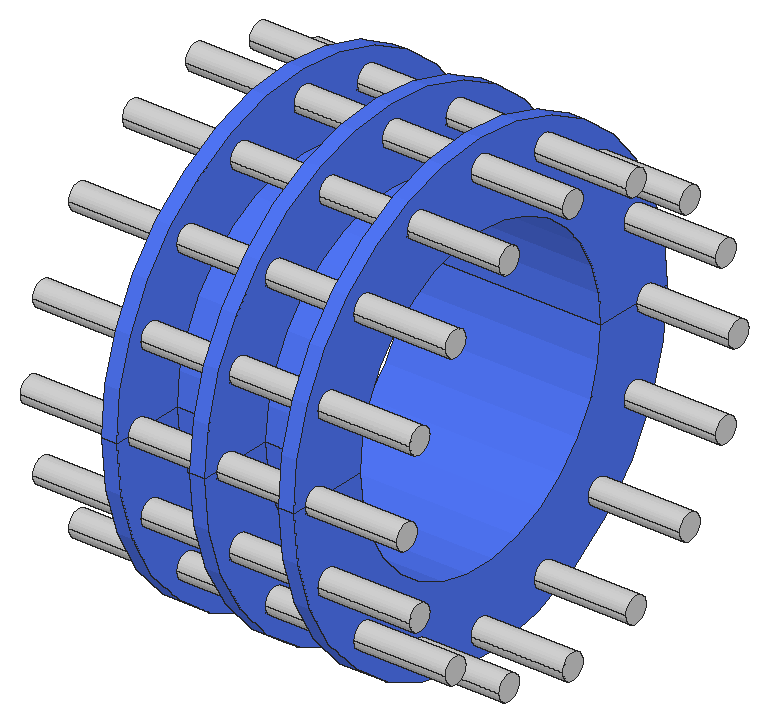
Revit family "873-00-002-DN300-400", category Pipe Accessories, Revit 2019
Family settings
  Round Connector Dimension = Use Diameter
  Part Type = Valve - Breaks Into
  Work Plane-Based = No
  Always vertical = Yes
  Cut with Voids When Loaded = No
  Shared = No
Parameters (values of type "DN400")
  d2 = size_lookup(Search_table, "d2", 0 mm, DN) / 2  # 310 mm
  d1 = size_lookup(Search_table, "d1", 0 mm, DN)  # 550 mm
  URL product pages = "https://www.avkvalves.com/P.aspx?no=873030000741000"
  T = size_lookup(Search_table, "T", 0 mm, DN)  # 33 mm
  L = size_lookup(Search_table, "L", 0 mm, DN)  # 500 mm
  Id(Radius) = DN / 2  # 200 mm
  Flange_thickness = 20 mm  # constant formula
  Description_ = "AVK DISMANTLING JOINT"
  DN = 400 mm
  Search_table = "873-00-002-DN300-400"
  Body_Wallthicknss = 10 mm  # constant formula
  Angle = 22.50°  # constant formula
  A = size_lookup(Search_table, "A", 0 mm, DN)  # 255 mm
  873-0400-00-741000 = "DN400_PN25"
  873-0350-00-741000 = "DN350_PN25"
  873-0300-00-741000 = "DN300_PN25"
Types (4, lengths in mm): name | d2 | d1 | T | L | Id(Radius) | DN | A
  (no name) | 310 | 550 | 33 | 500 | 200 | 400 | 255
  DN300 | 242.5 | 430 | 27 | 460 | 150 | 300 | 225
  DN350 | 277.5 | 490 | 30 | 480 | 175 | 350 | 245
  DN400 | 310 | 550 | 33 | 500 | 200 | 400 | 255
Reference planes
  plane 1 "Center (Front/Back)": y = 0
  plane 2: z = 0
  plane 3 "Center (Left/Right)": x = 0
  plane 4: y = 32.5
  plane 5: y = -30
  plane 6: z = 275
  plane 7: z = -275
  plane 8: y = 275
  plane 9: y = -275
  plane 10: x = -250
  plane 11: x = 250
  plane 12: through (0, 0, 0) normal (0, 0.3827, 0.9239)
  plane 13: through (0, 0, 0) normal (0, 0.7071, 0.7071)
  plane 14: through (0, 0, 0) normal (0, 0.9239, 0.3827)
  plane 15: through (0, 0, 0) normal (0, 0.9239, -0.3827)
  plane 16: through (0, 0, 0) normal (0, 0.7071, -0.7071)
  plane 17: through (0, 0, 0) normal (0, 0.3827, -0.9239)
  plane 18: x = -127.5
  plane 19: x = 127.5
  plane 20: z = 310
  plane 21: z = -310
Forms (mm)
  Revolve 1, solid, material "Plastic"
    sketch origin (0, 0, 0) x (1, 0, 0) y (0, 1, 0)
      loop
        line (-107.5, 310) -> (-127.5, 310) -> (-127.5, 200) -> (127.5, 200) -> (127.5, 310) -> (107.5, 310) -> (107.5, 210) -> (10, 210) -> (10, 310) -> (-10, 310) -> (-10, 210) -> (-107.5, 210) -> (-107.5, 310)
      axis (-127.5, 0) -> (127.5, 0)
    angle from 0 to 360
  Extrusion 2, solid, material "Stainless Steel AISI 304"
    sketch origin (0, 0, 0) x (0, 1, 0) y (0, 0, 1)
      loop
        circle (0, 275) r 16.5
      loop
        circle (-275, 0) r 16.5
      loop
        circle (0, -275) r 16.5
      loop
        circle (275, 0) r 16.5
      loop
        circle (-105.238, 254.067) r 16.5
      loop
        circle (-194.454, 194.454) r 16.5
      loop
        circle (-254.067, 105.238) r 16.5
      loop
        circle (-254.067, -105.238) r 16.5
      loop
        circle (-194.454, -194.454) r 16.5
      loop
        circle (-105.238, -254.067) r 16.5
      loop
        circle (105.238, -254.067) r 16.5
      loop
        circle (194.454, -194.454) r 16.5
      loop
        circle (254.067, -105.238) r 16.5
      loop
        circle (254.067, 105.238) r 16.5
      loop
        circle (194.454, 194.454) r 16.5
      loop
        circle (105.238, 254.067) r 16.5
    from -250 to 250
Dimensions and locks
  "Flange_thickness": Revolve 1 sketch curve to Revolve 1 sketch curve  (x3)
  equal spacing: Revolve 1 sketch curve, plane 3 "Center (Left/Right)", Revolve 1 sketch curve  (x2)
  "A": Revolve 1 sketch curve to Revolve 1 sketch curve
  "Id(Radius)": plane 1 "Center (Front/Back)" to Revolve 1 sketch curve
  "Body_Wallthicknss": Revolve 1 sketch curve to Revolve 1 sketch curve
  "d2": plane 1 "Center (Front/Back)" to Revolve 1 sketch curve
  equal spacing: plane 6, level, plane 7
  equal spacing: plane 8, plane 1 "Center (Front/Back)", plane 9
  "d1": plane 8 to plane 9
  "d1": plane 6 to plane 7
  equal spacing: plane 11, plane 3 "Center (Left/Right)", plane 10
  "L": plane 11 to plane 10
  equal spacing: Extrusion 2 sketch curve, level, Extrusion 2 sketch curve
  "d1": Extrusion 2 sketch curve to Extrusion 2 sketch curve  (x8)
  equal spacing: Extrusion 2 sketch curve, plane 1 "Center (Front/Back)", Extrusion 2 sketch curve
  equal spacing: Extrusion 2 sketch curve, plane 15, Extrusion 2 sketch curve
  equal spacing: Extrusion 2 sketch curve, plane 16, Extrusion 2 sketch curve
  equal spacing: Extrusion 2 sketch curve, plane 13, Extrusion 2 sketch curve
  equal spacing: Extrusion 2 sketch curve, plane 14, Extrusion 2 sketch curve
  equal spacing: Extrusion 2 sketch curve, plane 12, Extrusion 2 sketch curve
  equal spacing: Extrusion 2 sketch curve, plane 17, Extrusion 2 sketch curve
  plane 6 to plane 7 = 550 mm
  equal spacing: plane 19, plane 3 "Center (Left/Right)", plane 18
  "A": plane 19 to plane 18
  equal spacing: plane 20, level, plane 21
  "d2": plane 20 to level
  plane 20 to plane 21 = 620 mm
  "T": diameter of Extrusion 2 sketch curve  (x16)
  "Angle": angle level to plane 12
  "Angle": angle plane 14 to plane 1 "Center (Front/Back)"
  equal spacing: plane 12, plane 13, plane 14
  "Angle": angle plane 1 "Center (Front/Back)" to plane 15
  "Angle": angle plane 17 to level
  equal spacing: plane 15, plane 16, plane 17
  aligned and locked: level to plane 2
  aligned and locked: Revolve 1 sketch curve to Revolve 1 sketch curve  (x3)
  aligned and locked: plane 1 "Center (Front/Back)" to Revolve 1 sketch curve
  aligned and locked: Extrusion 2 to plane 10
  aligned and locked: Extrusion 2 to plane 11
Automatic sketch dimensions
  Revolve 1 sketch curve to plane 3 "Center (Left/Right)" = 37.5 mm
  plane 3 "Center (Left/Right)" to Revolve 1 sketch curve = 37.5 mm
  plane 17 to Extrusion 2 sketch curve = 0 mm  (x2)
  Extrusion 2 sketch curve to plane 12 = 0 mm  (x2)
  Extrusion 2 sketch curve to plane 13 = 0 mm  (x2)
  plane 16 to Extrusion 2 sketch curve = 0 mm  (x2)
  Extrusion 2 sketch curve to plane 14 = 0 mm  (x2)
  plane 15 to Extrusion 2 sketch curve = 0 mm  (x2)
  Extrusion 2 sketch curve to plane 1 "Center (Front/Back)" = 0 mm  (x2)
  Extrusion 2 sketch curve to level = 0 mm  (x2)
Nested families
  nested 1: "Latest 1 - Copy" at (57.137, -204.482, 47.823) x (1, 0, 0) z (0, -0.9737, 0.2277), type "Latest 1 - Copy"
Connectors
  piping at (127.5, 0, 0), diameter 400, driven by "DN"
    settings: on Revolve 1, index 1, connector inside diameter 609.6 mm, connector length 0 mm, flow factor 0, pipe flow 0.0 L/s, pressure drop 0.0 Pa, fitting loss kfactor 0, connector angle 0.00°, fixture units 0, engagement length 0 mm, angle of deflection 0.00°, flow configuration 0, flow direction 0, fitting loss method 0, system type 7, joint type 0, gender type 0, connector reference index -1, connector utility 0, adjustable connector no, is connector primary yes, connector description ""
  piping at (-127.5, 0, 0), diameter 400, driven by "DN"
    settings: on Revolve 1, index 2, connector inside diameter 609.6 mm, connector length 0 mm, flow factor 0, pipe flow 0.0 L/s, pressure drop 0.0 Pa, fitting loss kfactor 0, connector angle 0.00°, fixture units 0, engagement length 0 mm, angle of deflection 0.00°, flow configuration 0, flow direction 0, fitting loss method 0, system type 7, joint type 0, gender type 0, connector reference index -1, connector utility 0, adjustable connector no, is connector primary no, connector description ""
Definition of nested family "Latest 1 - Copy"
  Parameters
    Default Elevation = 1219.2 mm
  Reference planes
    plane 1 "Center (Front/Back)": y = 0
    plane 2: z = 0
    plane 3 "Center (Left/Right)": x = 0
  Forms (mm)
    Extrusion 1, solid
      sketch origin (0, 0, 0) x (1, 0, 0) y (0, 1, 0)
        loop
          line (-1219.2, 1219.2) -> (-1219.2, -1219.2) -> (1219.2, -1219.2) -> (1219.2, 1219.2) -> (-1219.2, 1219.2)
      from 0 to -304.8
    Extrusion 2, solid
      sketch origin (0, 0, 0) x (1, 0, 0) y (0, 1, 0)
        loop
          line (-2.683, 9.413) -> (-9.884, 9.413) -> (-9.884, 7.46) -> (-4.022, 7.46) -> (-0.985, 0) -> (0.985, 0) -> (4.022, 7.46) -> (9.884, 7.46) -> (9.884, 9.413) -> (2.683, 9.413) -> (0, 2.824) -> (-2.683, 9.413)
        loop
          line (-4.528, 6.707) -> (-9.884, 6.707) -> (-9.884, 4.824) -> (-8.032, 4.824) -> (-9.884, 0) -> (-7.792, 0) -> (-7.394, 1.035) -> (-4.328, 1.035) -> (-3.907, 0) -> (-1.798, 0) -> (-4.528, 6.707)
        loop
          line (-6.91, 2.824) -> (-5.056, 2.824) -> (-6.01, 5.167) -> (-6.91, 2.824)
        loop
          line (1.798, 0) -> (3.907, 0) -> (4.98, 2.637) -> (6.968, 0) -> (9.413, 0) -> (7.166, 2.983)
          arc (7.166, 2.983) -> (8.216, 3.774) -> (9.007, 4.824) r 4.724
          line (9.007, 4.824) -> (9.884, 4.824) -> (9.884, 6.707) -> (8.001, 6.707)
          arc (8.001, 6.707) -> (7.315, 5.008) -> (5.642, 4.261) r 2.448
          line (5.642, 4.261) -> (6.637, 6.707) -> (4.528, 6.707) -> (1.798, 0)
      from 0 to 1
  Dimensions and locks
    aligned and locked: plane 2 to Extrusion 1
    aligned and locked: level to Extrusion 1
    aligned and locked: Extrusion 2 sketch curve to import instance  (x30)
